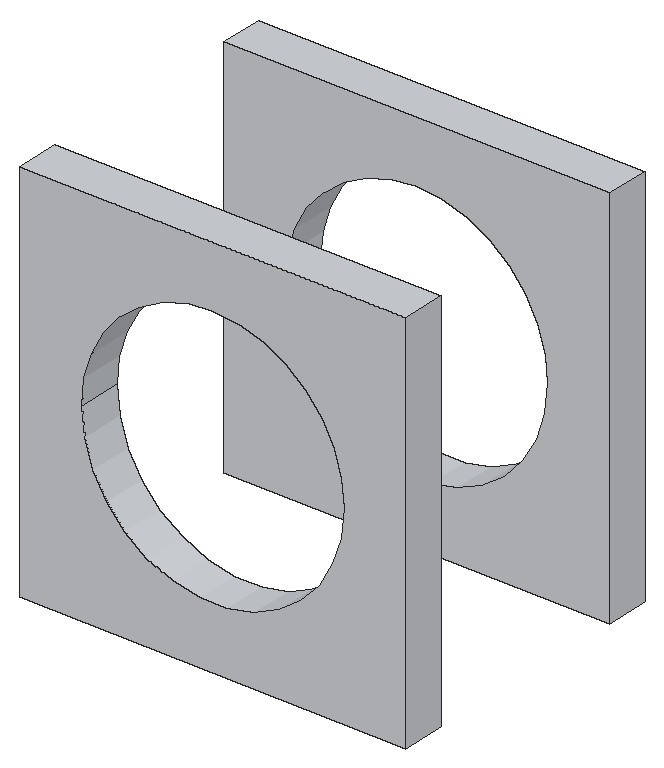
Revit family "Sample_Family_Three", category Specialty Equipment, Revit 2022
Family settings
  Round Connector Dimension = Use Diameter
  Part Type = Normal
  Work Plane-Based = No
  Always vertical = Yes
  Cut with Voids When Loaded = Yes
  Maintain Annotation Orientation = No
  Shared = No
  Room Calculation Point = Yes
Parameters (values of type "DWWH-515")
  WallOpeningWidth = WallOpeningRadius * 2  # 150 mm
  WallOpeningUS = 1125 mm
  WallOpeningRadius = 75 mm
  WallOpeningHeight = WallOpeningWidth  # 150 mm
  WallDepth [instance] = 120 mm
  WIDTH_BVN [instance] = 970 mm
  ShroudWidth = 35 mm
  MOUNTING_HEIGHT_US_BVN = 0 mm
  MOUNTING_HEIGHT_TOP_BVN = 35 mm
  MOUNTING_HEIGHT_CENTRE_BVN = 0 mm
  Keynote = "DWWH-515"
  ItemGroup = "1"
  ItemDescription = "HATCH: radiation shielded, pass through for dose management system"
  ItemCode = "DWWH-515"
  HEIGHT_BVN [instance] = 1570 mm
  DetailedCategory = ""
  Default Elevation = 0 mm
  DEPTH_BVN [instance] = 1030 mm
  Assembly Code = "DWWH-515"
Reference planes
  plane 1 "Center (Front/Back)": y = 0
  plane 2: z = 0
  plane 3 "Center (Left/Right)": x = 0
  plane 4 "wallFaceBack": y = 60
  plane 5 "WallFaceInner": y = -60
  plane 6 "wallOpeningBottom": z = 1125
  plane 7 "WallOpeningTop": z = 1275
  plane 8 "machineSideLeft": x = -75
  plane 9 "machineSideRight": x = 75
  plane 10 "ShroudLeft": x = -110
  plane 11 "ShroudRight": x = 110
  plane 12 "SideShroudTop": z = 1310
  plane 13 "doorCentre": z = 1200
  plane 14 "CleanSideShroudBottom": z = 1090
Forms (mm)
  Extrusion 1, void
    sketch origin (0, 0, 1125) x (-1, 0, 0) y (0, -1, 0)
      loop
        line (75, -60) -> (75, 60) -> (-75, 60) -> (-75, -60) -> (75, -60)
    from 0 to 150 <- "WallOpeningHeight"
  Extrusion 2, solid
    sketch origin (0, -60, 0) x (-1, 0, 0) y (0, 0, 1)
      loop
        line (110, 1090) -> (110, 1310) -> (-110, 1310) -> (-110, 1090) -> (110, 1090)
      loop
        circle (0, 1200) r 75
    from 0 to -25
  Extrusion 3, solid
    sketch origin (0, 60, 0) x (-1, 0, 0) y (0, 0, 1)
      loop
        line (-110, 1310) -> (-110, 1090) -> (110, 1090) -> (110, 1310) -> (-110, 1310)
      loop
        circle (0, 1200) r 75
    from 0 to 25
Lines and regions (mm)
  Masking region 1
    outline origin (0, 0, 830) x (-1, 0, 0) y (0, -1, 0)
      loop
        line (75, -60) -> (75, 60) -> (-75, 60) -> (-75, -60) -> (75, -60)
Dimensions and locks
  equal spacing: plane 4 "wallFaceBack", plane 1 "Center (Front/Back)", plane 5 "WallFaceInner"
  "WallDepth": plane 4 "wallFaceBack" to plane 5 "WallFaceInner"
  "WallOpeningUS": plane 6 "wallOpeningBottom" to level
  "WallOpeningWidth": plane 7 "WallOpeningTop" to plane 6 "wallOpeningBottom"
  "ShroudWidth": plane 10 "ShroudLeft" to plane 8 "machineSideLeft"
  "ShroudWidth": plane 9 "machineSideRight" to plane 11 "ShroudRight"
  "WallOpeningWidth": plane 8 "machineSideLeft" to plane 9 "machineSideRight"
  equal spacing: plane 8 "machineSideLeft", plane 3 "Center (Left/Right)", plane 9 "machineSideRight"
  equal spacing: plane 7 "WallOpeningTop", plane 13 "doorCentre", plane 6 "wallOpeningBottom"
  "ShroudWidth": plane 12 "SideShroudTop" to plane 7 "WallOpeningTop"
  "ShroudWidth": plane 6 "wallOpeningBottom" to plane 14 "CleanSideShroudBottom"
  "WallOpeningRadius": radius of Extrusion 2 sketch curve
  "WallOpeningRadius": radius of Extrusion 3 sketch curve
  aligned and locked: level to plane 2
  aligned and locked: Extrusion 1 sketch curve to plane 4 "wallFaceBack"
  aligned and locked: plane 5 "WallFaceInner" to Extrusion 1 sketch curve
  aligned and locked: Extrusion 2 sketch curve to plane 11 "ShroudRight"
  aligned and locked: plane 10 "ShroudLeft" to Extrusion 2 sketch curve
  aligned and locked: Extrusion 2 sketch curve to plane 12 "SideShroudTop"
  aligned and locked: Extrusion 3 sketch curve to plane 12 "SideShroudTop"
  aligned and locked: Extrusion 3 sketch curve to plane 11 "ShroudRight"
  aligned and locked: plane 14 "CleanSideShroudBottom" to Extrusion 3 sketch curve
  aligned and locked: plane 10 "ShroudLeft" to Extrusion 3 sketch curve
  aligned and locked: plane 14 "CleanSideShroudBottom" to Extrusion 2 sketch curve
  aligned and locked: plane 8 "machineSideLeft" to Extrusion 1 sketch curve
  aligned and locked: Extrusion 1 sketch curve to plane 9 "machineSideRight"
  aligned and locked: plane 3 "Center (Left/Right)" to Extrusion 2 sketch curve
  aligned and locked: plane 13 "doorCentre" to Extrusion 2 sketch curve
  aligned and locked: plane 3 "Center (Left/Right)" to Extrusion 3 sketch curve
  aligned and locked: plane 13 "doorCentre" to Extrusion 3 sketch curve
  aligned and locked: Masking region 1 to plane 8 "machineSideLeft"
  aligned and locked: plane 9 "machineSideRight" to Masking region 1
  aligned and locked: plane 4 "wallFaceBack" to Masking region 1
  aligned and locked: Masking region 1 to plane 5 "WallFaceInner"
Automatic sketch dimensions
  plane 4 "wallFaceBack" to Masking region 1 sketch curve = 0 mm
  plane 9 "machineSideRight" to Masking region 1 sketch curve = 0 mm
  Masking region 1 sketch curve to plane 5 "WallFaceInner" = 0 mm
  Masking region 1 sketch curve to plane 8 "machineSideLeft" = 0 mm
